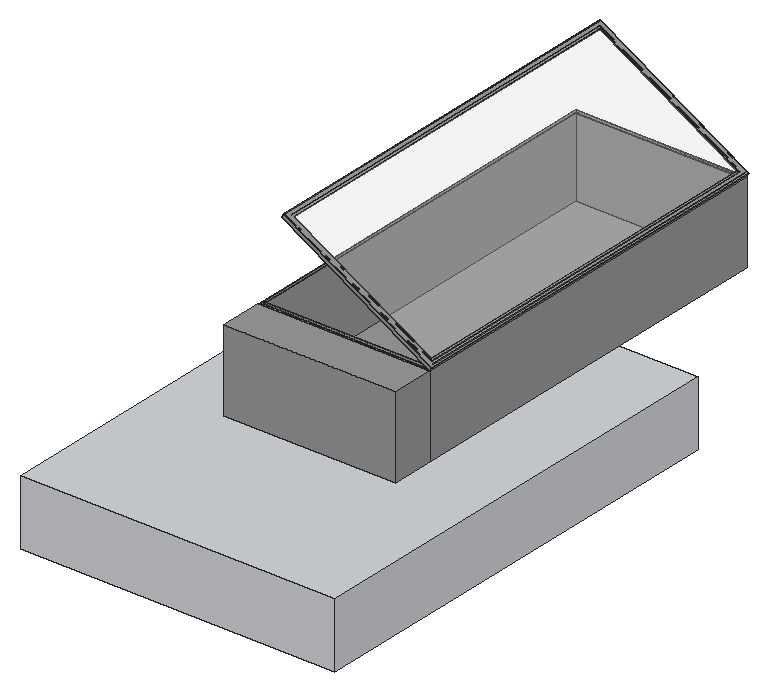
Revit family "Hager-Univers-IP55-D400-H2050-Cl.II-Steel_encl-CH-it", category Equipement électrique, Revit 2020
Family settings
  Hôte = Face
  Configuration du panneau = Deux colonnes, circuits au sein
  Cote de connecteur circulaire = Utiliser le diamètre
  Type d'élément = Tableau de raccordement
  Couper avec des vides une fois chargée = Non
  Partagée = Non
  Point de calcul de pièce = Non
Parameters (values of type "montaggio a pavimento IP55 L800 A2050 P400  - FR23U2")
  Width Control [instance] = if([EF000008 - Larghezza] > Min Width, [EF000008 - Larghezza], Min Width)  # 800 mm
  Commentaires du type = [HG000003 - Gamma]  # "Univers"
  Thickness Door [instance] = if([EF009171 - spessore materiale porta/coperchio] > 3 mm, 3 mm, [EF009171 - spessore materiale porta/coperchio])  # 1.5 mm
  Seal Frame Offset [instance] = 17 mm  # constant formula
  Plinth Visibility [instance] = [HG000027 - Altezza dello zoccolo] > 0 mm  # yes
  Model = ""
  Min Width [instance] = 100 mm  # constant formula
  Min Height [instance] = 100 mm  # constant formula
  Min Depth [instance] = (2 * [EF009170 - spessore materiale scatola]) + 1 mm  # 4 mm
  Internal Frame Depth [instance] = (Door System Depth * 0.5)  # 9 mm
  Height Control [instance] = if([EF000040 - Altezza] > Min Height, [EF000040 - Altezza], Min Height)  # 2050 mm
  HG000027 - Altezza dello zoccolo = 200 mm
  HG000026 - A pavimento = yes
  HG000024 - Altezza della sezione inferiore = 800 mm
  HG000023 - Custodia a doppia sezione = no
  HG000016 - Visibilità delle porte nella vista 3D [instance] = yes
  HG000015 - Visibilità attraverso la porta [instance] = no
  HG000014 - Porta destra [instance] = yes
  HG000013 - Porta sinistra [instance] = not([HG000014 - Porta destra])  # no
  HG000012 - Angolo di apertura della porta [instance] = 30.00°
  HG000010 - Porte asimmetriche = no
  HG000009 - Porta doppia a battente = no
  HG000006 - Ad incasso = no
  HG000004 - Codice produttore = "FR23U2"
  HG000003 - Gamma = "Univers"
  HG000002 - Con porta = yes
  Frame Offset Bottom [instance] = 10 mm  # constant formula
  Frame Offset [instance] = 15 mm  # constant formula
  EF015940 - Coprire con rilascio di sovrapressione = no
  EF011959 - tipo di protezione (NEMA) = ""
  EF009554 - numero delle aperture per la piastra della flangia = 6
  Fabricant = "Hager"  # constant formula
  EF009212 - esecuzione coperchio = "EV000116 - chiuso"
  EF009171 - spessore materiale porta/coperchio = 1.5 mm
  EF009170 - spessore materiale scatola = 1.5 mm
  EF008873 - corrente nominale (In) = 800 A
  EF007800 - adatto per parafulmine = no
  EF006306 - con serratura = no
  EF006244 - coperchio/porta trasparente = yes
  EF005474 - grado di protezione (IP) = "EV006420 - IP55"
  EF004464 - tipo di porta = "EV002646 - singolo"
  EF004427 - numero di moduli = 432
  EF004293 - resistenza agli urti = "EV008784 - IK10"
  EF003532 - adatto per uso esterno = no
  EF002950 - Numero moduli DIN = 24
  EF001613 - Integrità del circuito = "EV000494 - senza"
  EF001596 - Attacco Lampada = "EV000179 - acciaio"
  EF001131 - profondità interna = 400 mm
  EF001088 - possibilità di applicazione = yes
  EF000437 - numero di ingressi per conduttori = 6
  EF000339 - tipo di copertura = "EV004216 - porta"
  EF000266 - numero di file = 12
  EF000218 - profondità di incasso = 0 mm
  EF000118 - con piastra di montaggio = no
  EF000116 - numero RAL = "7035"
  EF000049 - profondità = 400 mm
  EF000040 - Altezza = 2050 mm
  EF000008 - Larghezza = 800 mm
  EF000007 - colore = "EV000270 - grigio"
  EF000003 - Tipo di montaggio = "EV012274 - montaggio a pavimento"
  Door System Leaf Tolerance [instance] = 1.5 mm  # constant formula
  Door System Depth [instance] = 18 mm  # constant formula
  Door Height [instance] = Height Control - [HG000027 - Altezza dello zoccolo]  # 1850 mm
  Depth Control [instance] = if([EF000049 - profondità] > Min Depth, [EF000049 - profondità], Min Depth)  # 400 mm
  Default Elevation = 0 mm
  Connector Offset [instance] = Height Control / 2  # 1025 mm
  Bottom Top Plate Trim [instance] = 1.5 mm  # constant formula
  Plinth height Ctrl [instance] = if([HG000027 - Altezza dello zoccolo] > 0 mm, [HG000027 - Altezza dello zoccolo], 12 mm)  # 200 mm
Types (11, lengths in mm): name | Width Control | HG000010 - Porte asimmetriche | HG000009 - Porta doppia a battente | HG000004 - Codice produttore | EF009554 - numero delle aperture per la piastra della flangia | EF006244 - coperchio/porta trasparente | EF004464 - tipo di porta | EF004427 - numero di moduli | EF000437 - numero di ingressi per conduttori | EF000008 - Larghezza
  montaggio a pavimento IP55 L1050 A2050 P400  - FR24H2 | 1050 | yes | yes | "FR24H2" | 8 | no | "EV003602 - doppio" | 576 | 8 | 1050
  montaggio a pavimento IP55 L1050 A2050 P400  - FR24U2 | 1050 | yes | yes | "FR24U2" | 8 | yes | "EV003602 - doppio" | 576 | 8 | 1050
  montaggio a pavimento IP55 L1300 A2050 P400  - FR25H2 | 1300 | yes | yes | "FR25H2" | 10 | no | "EV003602 - doppio" | 720 | 10 | 1300
  montaggio a pavimento IP55 L1300 A2050 P400  - FR25U2 | 1300 | yes | yes | "FR25U2" | 10 | yes | "EV003602 - doppio" | 720 | 10 | 1300
  montaggio a pavimento IP55 L1550 A2050 P400  - FR26H2 | 1550 | yes | yes | "FR26H2" | 12 | no | "EV003602 - doppio" | 864 | 12 | 1550
  montaggio a pavimento IP55 L1550 A2050 P400  - FR26U2 | 1550 | yes | yes | "FR26U2" | 12 | yes | "EV003602 - doppio" | 864 | 12 | 1550
  montaggio a pavimento IP55 L300 A2050 P400  - FR21H2 | 300 | no | no | "FR21H2" | 2 | no | "EV002646 - singolo" | 144 | 2 | 300
  montaggio a pavimento IP55 L550 A2050 P400  - FR22H2 | 550 | no | no | "FR22H2" | 4 | no | "EV002646 - singolo" | 288 | 4 | 550
  montaggio a pavimento IP55 L550 A2050 P400  - FR22U2 | 550 | no | no | "FR22U2" | 4 | yes | "EV002646 - singolo" | 288 | 4 | 550
  montaggio a pavimento IP55 L800 A2050 P400  - FR23H2 | 800 | no | no | "FR23H2" | 6 | no | "EV002646 - singolo" | 432 | 6 | 800
  montaggio a pavimento IP55 L800 A2050 P400  - FR23U2 | 800 | no | no | "FR23U2" | 6 | yes | "EV002646 - singolo" | 432 | 6 | 800
Reference planes
  plane 1 "Center (Front/Back)": y = 0
  plane 2: z = 0
  plane 3 "Center (Left/Right)": x = 0
  plane 4: z = 400
  plane 5: y = 201.5
  plane 6: y = 1125
  plane 7: y = 200
  plane 8: y = 2050
  plane 9: z = 0
  plane 10: x = -385
  plane 11: x = 385
  plane 12: x = 383.5
  plane 13: x = -383.5
  plane 14: y = 2048.5
  plane 15: x = -383
  plane 16: x = -400
  plane 17: x = 383
  plane 18: x = 400
  plane 19: x = 398.5
  plane 20: x = -398.5
  plane 21: y = 211.5
  plane 22: y = 2050
  plane 23: y = 2033.5
  plane 24: z = 382
  plane 25: z = 1.5
  plane 26: z = 380.5
  plane 27: z = 398.5
Forms (mm)
  Extrusion 1, solid
    sketch origin (0, 0, 0) x (1, 0, 0) y (0, 1, 0)
      loop
        line (-702.964, 1305) -> (-702.964, -811.445) -> (766.763, -811.445) -> (766.763, 1305) -> (-702.964, 1305)
    from 0 to -304.8
  Extrusion 2, solid, material "Hager_Steel_RAL7035_Light_Grey", visible <- "Plinth Visibility", detail levels medium+fine
    sketch origin (0, 0, 0) x (1, 0, 0) y (0, 1, 0)
      loop
        line (-400, 0) -> (400, 0) -> (400, 200) -> (-400, 200) -> (-400, 0)
    from 0 to 382
  Extrusion 3, solid, material "Hager_Steel_RAL7035_Light_Grey", detail levels medium+fine
    sketch origin (0, 0, 0) x (1, 0, 0) y (0, 1, 0)
      loop
        line (-400, 200) -> (400, 200) -> (400, 2050) -> (-400, 2050) -> (-400, 200)
    from 0 to 382
  Extrusion 4, void
    sketch origin (0, 0, 0) x (1, 0, 0) y (0, 1, 0)
      loop
        line (-398.5, 201.5) -> (398.5, 201.5) -> (398.5, 2048.5) -> (-398.5, 2048.5) -> (-398.5, 201.5)
    from 1.5 to 380.5
  Extrusion 5, void
    sketch origin (-381.607, -4572, 382) x (0, -1, 0) y (-1, 0, 0)
      loop
        line (-4783.5, 1.893) -> (-6605.5, 1.893) -> (-6605.5, -765.107) -> (-4783.5, -765.107) -> (-4783.5, 1.893)
    from 0 to 1.5 <- "EF009170 - spessore materiale scatola"
  Extrusion 6, solid, material "Hager_Steel_RAL7035_Light_Grey", detail levels fine
    sketch origin (0, 0, 382) x (1, 0, 0) y (0, 1, 0)
      loop
        line (-383.5, 2033.5) -> (-383.5, 211.5) -> (383.5, 211.5) -> (383.5, 2033.5) -> (-383.5, 2033.5)
      loop
        line (-385, 210) -> (385, 210) -> (385, 2035) -> (-385, 2035) -> (-385, 210)
    from 0 to 9 <- "Internal Frame Depth"
  Extrusion 7, solid, material "Hager_Steel_RAL7035_Light_Grey", detail levels coarse
    sketch origin (0, 0, 0) x (1, 0, 0) y (0, 1, 0)
      loop
        line (-400, 0) -> (400, 0) -> (400, 2050) -> (-400, 2050) -> (-400, 0)
    from 0 to 400
  Sweep 8, void
    path in 3D
      loop
        line (-400, 200, 0) -> (400, 200, 0) -> (400, 200, 382) -> (-400, 200, 382) -> (-400, 200, 0)
    profile origin (-400, 200, 191) x (-1, 0, 0) y (0, -1, 0)
      loop
        line (0, 0) -> (0, 1.5) -> (-1.5, 1.5)
        arc (-1.5, 1.5) -> (-1.061, 0.439) -> (0, 0) r 1.5
Cuts and joins
  Extrusion 4, Extrusion 5 cuts Extrusion 3
  Sweep 8 cuts Extrusion 2
Lines and regions (mm)
  Masking region 1
    outline origin (0, 0, 0) x (1, 0, 0) y (0, 0, 1)
      loop
        line (-400, 400) -> (-400, 0) -> (400, 0) -> (400, 400) -> (-400, 400)
  Masking region 2, detail levels medium+fine
    outline origin (0, 140, 0) x (0, 1, 0) y (0, 0, 1)
      loop
        line (60, 0) -> (1910, 0) -> (1910, 382) -> (60, 382) -> (60, 0)
  Masking region 3, not visible, detail levels medium+fine
    outline origin (0, 297.922, 0) x (0, 1, 0) y (0, 0, 1)
      loop
        line (838.578, 0) -> (878.578, 0) -> (878.578, 388.5)
        arc (878.578, 388.5) -> (875.649, 395.571) -> (868.578, 398.5) r 10
        line (868.578, 398.5) -> (838.578, 398.5) -> (838.578, 0)
  Masking region 4, detail levels coarse
    outline origin (0, 0, 180) x (0, 1, 0) y (0, 0, 1)
      loop
        line (0, -180) -> (2050, -180) -> (2050, 220) -> (0, 220) -> (0, -180)
  Masking region 5, visible <- "Plinth Visibility", detail levels medium+fine
    outline origin (0, 52.24, 12.345) x (0, 0, -1) y (0, 1, 0)
      loop
        line (10.845, 147.76) -> (-368.155, 147.76)
        arc (-368.155, 147.76) -> (-368.594, 146.699) -> (-369.655, 146.26) r 1.5
        line (-369.655, 146.26) -> (-369.655, -52.24) -> (12.345, -52.24) -> (12.345, 146.26)
        arc (12.345, 146.26) -> (11.285, 146.699) -> (10.845, 147.76) r 1.5
  Masking region 6, detail levels medium+fine
    outline origin (-381.607, -4572, 382) x (-1, 0, 0) y (0, -1, 0)
      loop
        line (18.393, -6622) -> (18.393, -4772) -> (-781.607, -4772) -> (-781.607, -6622) -> (18.393, -6622)
  Masking region 7, visible <- "Plinth Visibility", detail levels medium+fine
    outline origin (-381.607, -4727, 382) x (-1, 0, 0) y (0, -1, 0)
      loop
        arc (16.893, -4927) -> (17.332, -4925.939) -> (18.393, -4925.5) r 1.5
        line (18.393, -4925.5) -> (18.393, -4727) -> (-781.607, -4727) -> (-781.607, -4925.5)
        arc (-781.607, -4925.5) -> (-780.546, -4925.939) -> (-780.107, -4927) r 1.5
        line (-780.107, -4927) -> (16.893, -4927)
  Masking region 8, detail levels coarse
    outline origin (-442.548, -4669.526, 382) x (-1, 0, 0) y (0, -1, 0)
      loop
        line (-42.548, -6719.526) -> (-42.548, -4669.526) -> (-842.548, -4669.526) -> (-842.548, -6719.526) -> (-42.548, -6719.526)
  sketch lines
    curve 1: line (-400, 200, 382) -> (-400, 200, 0)
    curve 2: line (400, 200, 382) -> (-400, 200, 382)
    curve 3: line (400, 200, 382) -> (400, 200, 0)
    curve 4: line (-400, 200, 0) -> (400, 200, 0)
Dimensions and locks
  "Depth Control": plane 4 to Extrusion 1
  "HG000027 - Altezza dello zoccolo": plane 1 "Center (Front/Back)" to plane 7
  "EF009170 - spessore materiale scatola": plane 5 to plane 7
  locked: connector elem to plane 3 "Center (Left/Right)"
  equal spacing: plane 8, plane 6, plane 7
  locked: connector elem to plane 6
  "EF009170 - spessore materiale scatola": plane 8 to plane 14
  "EF009170 - spessore materiale scatola": plane 10 to plane 13
  "EF009170 - spessore materiale scatola": plane 12 to plane 11
  "Frame Offset": plane 20 to plane 13
  "Frame Offset": plane 12 to plane 19
  "EF009170 - spessore materiale scatola": plane 16 to plane 20
  "EF009170 - spessore materiale scatola": plane 19 to plane 18
  "Seal Frame Offset": plane 16 to plane 15
  "Seal Frame Offset": plane 17 to plane 18
  "Frame Offset Bottom": plane 21 to plane 5
  "Frame Offset": plane 14 to plane 23
  equal spacing: plane 16, plane 3 "Center (Left/Right)", plane 18
  "Width Control": plane 16 to plane 18
  "EF009170 - spessore materiale scatola": plane 4 to plane 27
  "EF009170 - spessore materiale scatola": plane 24 to plane 26
  "EF009170 - spessore materiale scatola": plane 25 to level
  "Door System Depth": plane 4 to plane 24
  "Height Control": plane 1 "Center (Front/Back)" to Extrusion 7 sketch curve
  "Height Control": Masking region 4 sketch curve to plane 1 "Center (Front/Back)"
  "Height Control": plane 1 "Center (Front/Back)" to plane 22
  "Bottom Top Plate Trim": profile plane to Sweep 8 sketch curve
  "Bottom Top Plate Trim": Sweep 8 sketch curve to profile plane
  "Plinth height Ctrl": plane 1 "Center (Front/Back)" to Extrusion 2 sketch curve
  "Plinth height Ctrl": Masking region 5 sketch curve to plane 1 "Center (Front/Back)"
  "Plinth height Ctrl": plane 1 "Center (Front/Back)" to Masking region 7 sketch curve
  "Thickness Door": Extrusion 6 sketch curve to Extrusion 6 sketch curve  (x3)
  "Thickness Door": cut or joined group of Extrusion 3, Extrusion 4, Extrusion 5 to Extrusion 6 sketch curve
  radius of Masking region 3 sketch curve = 10 mm
  "Bottom Top Plate Trim": radius of Masking region 5 sketch curve  (x2)
  "Bottom Top Plate Trim": radius of Sweep 8 sketch curve
  "Bottom Top Plate Trim": radius of Masking region 7 sketch curve  (x2)
  aligned and locked: plane 2 to Extrusion 1
  aligned and locked: level to Extrusion 1
  aligned and locked: level to Masking region 1 sketch curve
  aligned and locked: Masking region 1 sketch curve to plane 18
  aligned and locked: Masking region 1 sketch curve to plane 16
  aligned and locked: plane 7 to Masking region 2 sketch curve
  aligned and locked: level to Masking region 3 sketch curve
  aligned and locked: Masking region 3 sketch curve to plane 27
  aligned and locked: level to Masking region 2 sketch curve
  aligned and locked: plane 1 "Center (Front/Back)" to Extrusion 2 sketch curve
  aligned and locked: Extrusion 3 sketch curve to plane 7
  aligned and locked: plane 16 to Extrusion 3 sketch curve
  aligned and locked: plane 18 to Extrusion 3 sketch curve
  aligned and locked: plane 20 to Extrusion 4 sketch curve
  aligned and locked: plane 19 to Extrusion 4 sketch curve
  aligned and locked: Extrusion 4 sketch curve to plane 5
  aligned and locked: Extrusion 4 to plane 25
  aligned and locked: plane 26 to Extrusion 4
  aligned and locked: plane 24 to Extrusion 3
  aligned and locked: Extrusion 5 sketch curve to plane 21
  aligned and locked: Extrusion 5 sketch curve to plane 13
  aligned and locked: Extrusion 5 sketch curve to plane 12
  aligned and locked: plane 18 to Extrusion 7 sketch curve
  aligned and locked: plane 1 "Center (Front/Back)" to Extrusion 7 sketch curve
  aligned and locked: plane 16 to Extrusion 7 sketch curve
  aligned and locked: plane 4 to Extrusion 7
  aligned and locked: Extrusion 7 to level
  aligned and locked: level to Masking region 4 sketch curve
  aligned and locked: Masking region 4 sketch curve to plane 1 "Center (Front/Back)"
  aligned and locked: Masking region 4 sketch curve to plane 4
  aligned and locked: nested 1 to level
  aligned and locked: nested 1 to plane 16
  aligned and locked: plane 8 to Extrusion 3 sketch curve
  aligned and locked: plane 23 to Extrusion 5 sketch curve
  aligned and locked: plane 14 to Extrusion 4 sketch curve
  aligned and locked: Masking region 2 sketch curve to plane 8
  aligned and locked: level to Masking region 5 sketch curve
  aligned and locked: plane 16 to Extrusion 2 sketch curve
  aligned and locked: plane 18 to Extrusion 2 sketch curve
  aligned and locked: Masking region 5 sketch curve to plane 24
  aligned and locked: Masking region 2 sketch curve to plane 24
  aligned and locked: plane 24 to Extrusion 2
  aligned and locked: profile plane to Sweep 8 sketch curve  (x2)
  aligned and locked: Masking region 6 sketch curve to plane 18
  aligned and locked: Masking region 6 sketch curve to plane 22
  aligned and locked: Masking region 6 sketch curve to plane 16
  aligned and locked: plane 8 to plane 22
  aligned and locked: Masking region 6 sketch curve to plane 7
  aligned and locked: Masking region 7 sketch curve to plane 16
  aligned and locked: Masking region 7 sketch curve to plane 1 "Center (Front/Back)"
  aligned and locked: Masking region 7 sketch curve to plane 18
  aligned and locked: Masking region 8 sketch curve to plane 1 "Center (Front/Back)"
  aligned and locked: Masking region 8 sketch curve to plane 18
  aligned and locked: Masking region 8 sketch curve to plane 22
  aligned and locked: Masking region 8 sketch curve to plane 16
  aligned and locked: nested 2 to plane 7
  aligned and locked: plane 3 "Center (Left/Right)" to nested 2
  aligned and locked: nested 2 to plane 24
  aligned and locked: Extrusion 6 sketch curve to cut or joined group of Extrusion 3, Extrusion 4, Extrusion 5  (x4)
Automatic sketch dimensions
  Extrusion 1 sketch curve to Extrusion 1 sketch curve = 1469.727 mm
  Extrusion 1 sketch curve to Extrusion 1 sketch curve = 2116.445 mm
  Masking region 1 sketch curve to plane 4 = 0 mm
  plane 6 to Masking region 3 sketch curve = 11.5 mm
  Masking region 3 sketch curve to Masking region 3 sketch curve = 30 mm
  Masking region 5 sketch curve to plane 1 "Center (Front/Back)" = 0 mm
Nested families
  nested 1: "Hager_Enclosure_Symbol" at (-400, 0, 0) x (1, 0, 0) z (0, -1, 0), Height <- "Depth Control", Width <- "Width Control", type "Hager_Enclosure_Symbol"
    with Width_Ctrl 800 mm, Width 800 mm, Height_Ctrl 400 mm, Height 400 mm, A_Width_Int 26.25 mm, A_Width 315 mm, A_Height_Ctrl 350 mm, A_Height 350 mm
  nested 2: "EC000058_Univers_Door" at (0, 200, 382) x (1, 0, 0) z (0, 1, 0), Leaf_Tolerance <- "Door System Leaf Tolerance", Angle <- "HG000012 - Angolo di apertura della porta", Door_Depth <- "Door System Depth", Door_Left <- "HG000013 - Porta sinistra", Transparent <- "EF006244 - coperchio/porta trasparente", Assymetrical <- "HG000010 - Porte asimmetriche", Width <- "Width Control", Clearance <- "HG000015 - Visibilità attraverso la porta", Double <- "HG000009 - Porta doppia a battente", 3d_Door <- "HG000016 - Visibilità delle porte nella vista 3D", Lock_Visibility <- "EF006306 - con serratura", Width_Ctrl <- "Width Control", Door_Right <- "HG000014 - Porta destra", Door <- "HG000002 - Con porta", Height <- "Door Height", Thickness <- "Thickness Door", type "EC000058_Univers_Door", detail levels medium+fine
    with min_wh 4 mm, Width_Ctrl 800 mm, Width 800 mm, Transparent yes, Thickness 1.5 mm, Seal_Material Hager_Rubber, Lock_Visibility no, Lock_Material Hager_Plastic_RAL9005_Jet_Black, Leaf_Width 800 mm, Leaf_Tolerance_External_Sides 0 mm, Leaf_Tolerance 1.5 mm, Leaf_Offset 0 mm, Leaf_Height 1847 mm, Leaf_2_Width 800 mm, Leaf_2_Offset 400 mm, Leaf_1_Width 800 mm, Leaf_1_Offset 400 mm, Height_Ctrl 1850 mm, Height 1850 mm, Glass_Material Hager_Glass, Double_Clearance_Ctrl no, Double no, Door_Right_Ctrl yes, Door_Right yes, Door_Material Hager_Steel_RAL7035_Light_Grey, Door_Left_Ctrl no, Door_Left no, Door_Depth 18 mm, Door yes, Clearance_Material Hager_Clearance, Clearance_Depth 800 mm, Clearance_Ctrl no, Clearance no, Assymetrical no, Angle 30.00°, 3d_Door yes
Connectors
  electrical at (0, 1125, 0)
    settings: on plane 9, index 1, voltage 0 V, apparent load 0 VA, apparent load phase1 0 VA, apparent load phase2 0 VA, apparent load phase3 0 VA, power factor 1, load classification "Other", number of poles 1, system type 30, power factor state 1, is connector primary yes, connector utility no, sub classification motor no, connector description ""
Definition of nested family "EC000058_Univers_Door"
  Parameters (values of type "EC000058_Univers_Door")
    min_wh [instance] = (2 * Thickness) + 1 mm  # 11 mm
    Width_Ctrl [instance] = 400 mm
    Width [instance] = 500 mm
    Transparent [instance] = yes
    Thickness [instance] = 5 mm
    Seal_Material [instance] = none
    Lock_Visibility [instance] = yes
    Lock_Material [instance] = none
    Leaf_Width [instance] = if((Width_Ctrl - 2 * Leaf_Tolerance_External_Sides) > 0 mm, (Width_Ctrl - 2 * Leaf_Tolerance_External_Sides), min_wh)  # 400 mm
    Leaf_Tolerance_External_Sides [instance] = 0 mm  # constant formula
    Leaf_Tolerance [instance] = 1.5 mm
    Leaf_Offset [instance] = 0 mm  # constant formula
    Leaf_Height [instance] = if((Height_Ctrl - 2 * Leaf_Tolerance) > 0 mm, (Height_Ctrl - 2 * Leaf_Tolerance), min_wh)  # 497 mm
    Leaf_2_Width [instance] = if(and(and(Double, Assymetrical), Door_Left), (Leaf_Width / 3) - (Leaf_Tolerance / 2), if(and(and(Double, Assymetrical), Door_Right), (Leaf_Width / 3) * 2 - (Leaf_Tolerance / 2), if(and(Double, not(Assymetrical)), (Leaf_Width / 2) - Leaf_Tolerance, Leaf_Width)))  # 400 mm
    Leaf_2_Offset [instance] = if(and(Double, Assymetrical), Leaf_2_Width / 2, if(and(Double, not(Assymetrical)), Leaf_Width / 4, Leaf_Width / 2))  # 200 mm
    Leaf_1_Width [instance] = if(and(and(Double, Assymetrical), Door_Right), (Leaf_Width / 3) - (Leaf_Tolerance / 2), if(and(and(Double, Assymetrical), Door_Left), (Width / 3) * 2 - (Leaf_Tolerance / 2), if(and(Double, not(Assymetrical)), (Leaf_Width / 2) - Leaf_Tolerance, Leaf_Width)))  # 400 mm
    Leaf_1_Offset [instance] = if(and(Double, Assymetrical), Leaf_1_Width / 2, if(and(Double, not(Assymetrical)), Leaf_Width / 4, Leaf_Width / 2))  # 200 mm
    Height_Ctrl [instance] = if(Height > min_wh, Height, min_wh)  # 500 mm
    Height [instance] = 500 mm
    Glass_Material [instance] = none
    Double_Clearance_Ctrl [instance] = and(Double, Clearance)  # no
    Double [instance] = no
    Door_Right_Ctrl [instance] = and(or(Door_Right, Double), Door)  # yes
    Door_Right [instance] = yes
    Door_Material [instance] = none
    Door_Left_Ctrl [instance] = and(or(Door_Left, Double), Door)  # no
    Door_Left [instance] = no
    Door_Depth [instance] = 30 mm
    Door [instance] = yes
    Default Elevation = 1219.2 mm
    Clearance_Material [instance] = none
    Clearance_Depth [instance] = if(Leaf_1_Width > Leaf_2_Width, Leaf_1_Width, Leaf_2_Width)  # 400 mm
    Clearance_Ctrl [instance] = and(not(Double), Clearance)  # yes
    Clearance [instance] = yes
    Assymetrical [instance] = yes
    Angle [instance] = 30.00°
    3d_Door [instance] = yes
  Reference planes
    plane 1 "Center (Front/Back)": y = 0
    plane 2 "Bottom": z = 0
    plane 3 "Center (Left/Right)": x = 0
    plane 4: z = 500
    plane 5: x = -200
    plane 6: x = 200
    plane 7: z = 500
    plane 8: x = -200
    plane 9: z = 0
    plane 10: x = 200
    plane 11: y = 0
    plane 12: z = 1.5
    plane 13: x = -600
    plane 14: y = -400
    plane 15: x = 600
    plane 16: x = 0
    plane 17: x = 0
    plane 18: x = -200
    plane 19: x = 200
    plane 20: z = 498.5
  Forms (mm)
    Extrusion 1, solid, material <- "Clearance_Material", visible <- "Double_Clearance_Ctrl"
      sketch origin (1200, 0, 0) x (1, 0, 0) y (0, 0, -1)
        loop
          line (-1800, -498.5) -> (-600, -498.5) -> (-600, 0) -> (-1800, 0) -> (-1800, -498.5)
      from 0 to -400
  Dimensions and locks
    equal spacing: plane 5, plane 3 "Center (Left/Right)", plane 6
    "Width_Ctrl": plane 5 to plane 6
    "Leaf_Offset": plane 5 to plane 8
    "Leaf_Offset": plane 6 to plane 10
    "Leaf_Offset": plane 9 to level
    "Leaf_Offset": plane 4 to plane 7
    "Height_Ctrl": plane 4 to level
    "Leaf_Tolerance": plane 12 to plane 9
    locked: plane 11 to plane 1 "Center (Front/Back)"
    "Leaf_1_Offset": plane 18 to plane 16
    "Leaf_2_Offset": plane 17 to plane 19
    "Leaf_1_Width": plane 13 to plane 8
    "Leaf_2_Width": plane 10 to plane 15
    "Clearance_Depth": plane 14 to plane 1 "Center (Front/Back)"
    "Leaf_Tolerance_External_Sides": plane 8 to plane 18
    "Leaf_Tolerance_External_Sides": plane 19 to plane 10
    "Leaf_Tolerance": plane 7 to plane 20
    aligned and locked: level to plane 2 "Bottom"
    aligned and locked: nested 1 to plane 16
    aligned and locked: nested 2 to plane 17
    aligned and locked: Extrusion 1 to plane 13
    aligned and locked: plane 15 to Extrusion 1
    aligned and locked: Extrusion 1 to plane 14
    aligned and locked: plane 12 to nested 1
    aligned and locked: nested 2 to plane 12
    aligned and locked: Extrusion 1 to plane 11
    aligned and locked: plane 20 to Extrusion 1
    aligned and locked: nested 2 to plane 11
    aligned and locked: nested 1 to plane 11
  Automatic sketch dimensions
    Extrusion 1 sketch curve to level = 0 mm
    plane 5 to Extrusion 1 sketch curve = 400 mm
    plane 6 to Extrusion 1 sketch curve = 400 mm
    Extrusion 1 sketch curve to plane 4 = 1.5 mm
  Nested families
    nested 1: "EC000058_Univers_Door_Leaf" at (0, 0, 1.5), Width <- "Leaf_1_Width", visible <- "Door_Left_Ctrl", Leaf_Height <- "Leaf_Height", Angle <- "Angle", 3d_Door <- "3d_Door", Transparent <- "Transparent", Clearance Material <- "Clearance_Material", Clearance <- "Clearance_Ctrl", Door_Material <- "Door_Material", Glass_Material <- "Glass_Material", Door_Depth <- "Door_Depth", Lock_Material <- "Lock_Material", Seal_Material <- "Seal_Material", Lock_Visibility <- "Lock_Visibility", Thickness <- "Thickness", type "EC000058_Univers_Door_Leaf"
      with Width 400 mm, Transparent_Glass_Offset 30 mm, Transparent_Ctrl yes, Transparent yes, Thickness 5 mm, Standard no, Seal_Material none, Seal_D2 8 mm, Seal_D1 1 mm, Offset_Internal_Frame 10 mm, Lock_Width 20 mm, Lock_Visibility_3d yes, Lock_Visibility yes, Lock_Thickness_3 3 mm, Lock_Thickness_2 1 mm, Lock_Thickness_1 3 mm, Lock_Radius_Offset_2 16 mm, Lock_Radius_Offset_1 15 mm, Lock_Radius_2 5 mm, Lock_Radius 6 mm, Lock_Offset 5 mm, Lock_Material none, Lock_Height 80 mm, Lock_Cover_Top_Offset_2d 17 mm, Lock_Cover_Height -65 mm, Leaf_Height 497 mm, Internal_Seal_Thickness 8 mm, Internal_Seal_Depth_2 4.5 mm, Internal_Frame_Depth 25 mm, Glass_Thickness -1 mm, Glass_Offset -2 mm, Glass_Material none, Door_Material none, Door_Depth 30 mm, Clearance Material none, Clearance yes, Angle_Ctrl 30.00°, Angle 30.00°, 3d_Door yes
    nested 2: "EC000058_Univers_Door_Leaf" at (0, 0, 1.5) x (-1, 0, 0) z (0, 0, 1), Width <- "Leaf_2_Width", visible <- "Door_Right_Ctrl", Leaf_Height <- "Leaf_Height", Angle <- "Angle", 3d_Door <- "3d_Door", Transparent <- "Transparent", Clearance Material <- "Clearance_Material", Clearance <- "Clearance_Ctrl", Door_Material <- "Door_Material", Glass_Material <- "Glass_Material", Door_Depth <- "Door_Depth", Lock_Material <- "Lock_Material", Seal_Material <- "Seal_Material", Lock_Visibility <- "Lock_Visibility", Thickness <- "Thickness", type "EC000058_Univers_Door_Leaf"
      with Width 400 mm, Transparent_Glass_Offset 30 mm, Transparent_Ctrl yes, Transparent yes, Thickness 5 mm, Standard no, Seal_Material none, Seal_D2 8 mm, Seal_D1 1 mm, Offset_Internal_Frame 10 mm, Lock_Width 20 mm, Lock_Visibility_3d yes, Lock_Visibility yes, Lock_Thickness_3 3 mm, Lock_Thickness_2 1 mm, Lock_Thickness_1 3 mm, Lock_Radius_Offset_2 16 mm, Lock_Radius_Offset_1 15 mm, Lock_Radius_2 5 mm, Lock_Radius 6 mm, Lock_Offset 5 mm, Lock_Material none, Lock_Height 80 mm, Lock_Cover_Top_Offset_2d 17 mm, Lock_Cover_Height -65 mm, Leaf_Height 497 mm, Internal_Seal_Thickness 8 mm, Internal_Seal_Depth_2 4.5 mm, Internal_Frame_Depth 25 mm, Glass_Thickness -1 mm, Glass_Offset -2 mm, Glass_Material none, Door_Material none, Door_Depth 30 mm, Clearance Material none, Clearance yes, Angle_Ctrl 30.00°, Angle 30.00°, 3d_Door yes
  Definition of nested family "EC000058_Univers_Door_Leaf"
    Parameters (values of type "EC000058_Univers_Door_Leaf")
      Width [instance] = 2000 mm
      Transparent_Glass_Offset [instance] = 30 mm
      Transparent_Ctrl [instance] = and(Transparent, [3d_Door])  # yes
      Transparent [instance] = yes
      Thickness [instance] = 5 mm
      Standard [instance] = and(not(Transparent), [3d_Door])  # no
      Seal_Material [instance] = none
      Seal_D2 [instance] = 8 mm  # constant formula
      Seal_D1 [instance] = 1 mm  # constant formula
      Offset_Internal_Frame [instance] = 10 mm  # constant formula
      Lock_Width [instance] = 20 mm  # constant formula
      Lock_Visibility_3d [instance] = and(Lock_Visibility, [3d_Door])  # yes
      Lock_Visibility [instance] = yes
      Lock_Thickness_3 [instance] = 3 mm  # constant formula
      Lock_Thickness_2 [instance] = 1 mm  # constant formula
      Lock_Thickness_1 [instance] = 3 mm  # constant formula
      Lock_Radius_Offset_2 [instance] = Lock_Radius_Offset_1 + 1 mm  # 16 mm
      Lock_Radius_Offset_1 [instance] = 15 mm  # constant formula
      Lock_Radius_2 [instance] = Lock_Radius - 1 mm  # 5 mm
      Lock_Radius [instance] = 6 mm  # constant formula
      Lock_Offset [instance] = 5 mm  # constant formula
      Lock_Material [instance] = none
      Lock_Height [instance] = 80 mm  # constant formula
      Lock_Cover_Top_Offset_2d [instance] = Lock_Radius_Offset_2 + 1 mm  # 17 mm
      Lock_Cover_Height [instance] = -(Lock_Height - Lock_Radius_Offset_1)  # -65 mm
      Leaf_Height [instance] = 2720.336 mm
      Internal_Seal_Thickness [instance] = 8 mm  # constant formula
      Internal_Seal_Depth_2 [instance] = 4.5 mm  # constant formula
      Internal_Frame_Depth [instance] = if(Door_Depth - Thickness > 5 mm, Door_Depth - Thickness, 5 mm)  # 25 mm
      Glass_Thickness [instance] = if(Thickness > 15 mm, Glass_Offset + 10 mm, -1 mm)  # -1 mm
      Glass_Offset [instance] = if(Thickness > 15 mm, -(Thickness + 10 mm) / 2, -2 mm)  # -2 mm
      Glass_Material [instance] = none
      Door_Material [instance] = none
      Door_Depth [instance] = 30 mm
      Default Elevation = 0 mm
      Clearance Material [instance] = none
      Clearance [instance] = yes
      Angle_Ctrl [instance] = if(Angle > 180.00°, 180.00°, Angle)  # 90.00°
      Angle [instance] = 90.00°
      3d_Door [instance] = yes
    Reference planes
      plane 1 "Center (Front/Back)": y = 0
      plane 2: z = 0
      plane 3 "Center (Left/Right)": x = 0
      plane 4: y = 2000
      plane 5: x = -1000
      plane 6: x = 1000
      plane 7: x = -3000
      plane 8: z = 2720.336
      plane 9: z = 30
      plane 10: z = 2690.336
      plane 11: x = 970
      plane 12: x = -970
      plane 13: y = -3
      plane 14: z = 107.833
      plane 15: y = -5
      plane 16: y = -223.314
      plane 17: x = -1000
      plane 18: z = 1360.168
      plane 19: y = 30
    Forms (mm)
      Extrusion 1, solid, material <- "Clearance Material", visible <- "Clearance"
        sketch origin (0, 0, 0) x (1, 0, 0) y (0, 0, 1)
          loop
            line (-3000, 2720.336) -> (-3000, 0) -> (1000, 0) -> (1000, 2720.336) -> (-3000, 2720.336)
        from 0 to -2000
      Extrusion 2, solid, material <- "Door_Material", visible <- "Standard", detail levels medium+fine
        sketch origin (-1000, 0, 0) x (0, 1, 0) y (-1, 0, 0)
          loop
            line (0, 30) -> (0, 25) -> (2000, 25) -> (2000, 30) -> (0, 30)
        from 0 to 2720.336 <- "Leaf_Height"
      Extrusion 3, solid, material <- "Door_Material", visible <- "Transparent_Ctrl", detail levels medium+fine
        sketch origin (-1000, 0, 0) x (0, 1, 0) y (-1, 0, 0)
          loop
            line (0, 25) -> (2000, 25) -> (2000, 30) -> (0, 30) -> (0, 25)
        from 0 to 2720.336 <- "Leaf_Height"
      Extrusion 4, void
        sketch origin (-1025, 2000, 0) x (0, 1, 0) y (0, 0, -1)
          loop
            line (-30, -2690.336) -> (-30, -30) -> (-1970, -30) -> (-1970, -2690.336) -> (-30, -2690.336)
        from 0 to 5 <- "Thickness"
      Sweep 5, solid, material <- "Seal_Material", visible <- "Transparent_Ctrl", detail levels fine
        path in 3D
          loop
            line (-1025, 30, 30) -> (-1025, 30, 2690.336) -> (-1025, 1970, 2690.336) -> (-1025, 1970, 30) -> (-1025, 30, 30)
        profile origin (-1025, 1000, 30) x (1, 0, 0) y (0, 0, 1)
          loop
            line (0, 0) -> (0, -8) -> (1, -8) -> (1, 0) -> (0, 0)
      Extrusion 6, solid, material <- "Glass_Material", visible <- "Transparent_Ctrl", detail levels medium+fine
        sketch origin (-1030, 0, 0) x (0, 1, 0) y (0, 0, -1)
          loop
            line (1970, -2690.336) -> (1970, -30) -> (30, -30) -> (30, -2690.336) -> (1970, -2690.336)
        from -2 <- "Glass_Offset" to -1 <- "Glass_Thickness"
      Extrusion 7, solid, material <- "Door_Material", visible <- "3d_Door", detail levels medium+fine
        sketch origin (-1025, 2000, 0) x (0, -1, 0) y (0, 0, -1)
          loop
            line (0, -2720.336) -> (2000, -2720.336) -> (2000, 0) -> (0, 0) -> (0, -2720.336)
          loop
            line (1995, -5) -> (5, -5) -> (5, -2715.336) -> (1995, -2715.336) -> (1995, -5)
        from 0 to 25 <- "Internal_Frame_Depth"
      Sweep 8, solid, material <- "Seal_Material", visible <- "Transparent_Ctrl", detail levels fine
        path in 3D
          loop
            line (-1025, 0, 0) -> (-1025, 2000, 0) -> (-1025, 2000, 2720.336) -> (-1025, 0, 2720.336) -> (-1025, 0, 0)
        profile origin (-1025, 0, 1360.168) x (1, 0, 0) y (0, 1, 0)
          loop
            line (0, 10) -> (2.975, 10)
            arc (2.975, 10) -> (4.053, 10.447) -> (4.5, 11.525) r 1.525
            line (4.5, 11.525) -> (4.5, 16.527)
            arc (4.5, 16.527) -> (4.069, 17.569) -> (3.027, 18) r 1.473
            line (3.027, 18) -> (0, 18) -> (0, 10)
      Extrusion 9, solid, material <- "Lock_Material", visible <- "Lock_Visibility_3d", detail levels fine
        sketch origin (-1030, 0, 0) x (0, 1, 0) y (0, 0, -1)
          loop
            arc (1993.5, -1400.168) -> (1994.561, -1399.729) -> (1995, -1398.668) r 1.5
            line (1995, -1398.668) -> (1995, -1320.168) -> (1975, -1320.168) -> (1975, -1398.668)
            arc (1975, -1398.668) -> (1975.439, -1399.729) -> (1976.5, -1400.168) r 1.5
            line (1976.5, -1400.168) -> (1993.5, -1400.168)
        from 3 <- "Lock_Thickness_1" to 0
      Blend 10, solid, material <- "Lock_Material", visible <- "Lock_Visibility_3d", detail levels fine
        base sketch origin (-1033, 0, 0) x (0, 1, 0) y (0, 0, -1)
          loop
            line (1975, -1320.168) -> (1975, -1398.668)
            arc (1975, -1398.668) -> (1975.439, -1399.729) -> (1976.5, -1400.168) r 1.5
            line (1976.5, -1400.168) -> (1993.5, -1400.168)
            arc (1993.5, -1400.168) -> (1994.561, -1399.729) -> (1995, -1398.668) r 1.5
            line (1995, -1398.668) -> (1995, -1320.168) -> (1975, -1320.168)
        top sketch origin (-1033, 0, 0) x (0, 1, 0) y (0, 0, -1)
          loop
            line (1976, -1320.168) -> (1976, -1398.668)
            arc (1976, -1398.668) -> (1976.146, -1399.022) -> (1976.5, -1399.168) r 0.5
            line (1976.5, -1399.168) -> (1993.5, -1399.168)
            arc (1993.5, -1399.168) -> (1993.854, -1399.022) -> (1994, -1398.668) r 0.5
            line (1994, -1398.668) -> (1994, -1320.168) -> (1976, -1320.168)
        from 0 to 1 <- "Lock_Thickness_2"
      Blend 11, solid, material <- "Lock_Material", visible <- "Lock_Visibility_3d", detail levels fine
        base sketch origin (-1034, 0, 0) x (0, 1, 0) y (0, 0, -1)
          loop
            line (1978, -1320.168) -> (1978, -1384.168)
            arc (1978, -1384.168) -> (1985, -1391.168) -> (1992, -1384.168) r 7
            line (1992, -1384.168) -> (1992, -1320.168) -> (1978, -1320.168)
        top sketch origin (-1034, 0, 0) x (0, 1, 0) y (0, 0, -1)
          loop
            line (1991, -1320.168) -> (1979, -1320.168) -> (1979, -1383.168)
            arc (1979, -1383.168) -> (1985, -1389.168) -> (1991, -1383.168) r 6
            line (1991, -1383.168) -> (1991, -1320.168)
        from 0 to 3 <- "Lock_Thickness_3"
      Extrusion 12, solid, material <- "Lock_Material", visible <- "Lock_Visibility_3d", detail levels fine
        sketch origin (-1030, 1975, 1320.168) x (1, 0, 0) y (0, -1, 0)
          loop
            line (-7, -19) -> (-7, -1) -> (0, -1) -> (0, 0) -> (-8, 0) -> (-8, -20) -> (0, -20) -> (0, -19) -> (-7, -19)
        from 0 to -65 <- "Lock_Cover_Height"
      Extrusion 13, void
        sketch origin (-1038, 1995, 1320.168) x (-1, 0, 0) y (0, 0, -1)
          loop
            line (-5, -65) -> (0, -65) -> (-5, -60) -> (-5, -65)
        from 0 to 20 <- "Lock_Width"
      Extrusion 14, void
        sketch origin (-1038, 1975, 1320.168) x (0, -1, 0) y (0, 0, -1)
          loop
            circle (-10, -15.995) r 6
          loop
            circle (-10, -15.995) r 5
        from 0 to 2
      Extrusion 15, solid, material <- "Lock_Material", visible <- "Lock_Visibility_3d", detail levels medium
        sketch origin (-1030, 0, 0) x (0, 1, 0) y (0, 0, -1)
          loop
            arc (1993.5, -1400.168) -> (1994.561, -1399.729) -> (1995, -1398.668) r 1.5
            line (1995, -1398.668) -> (1995, -1320.168) -> (1975, -1320.168) -> (1975, -1398.668)
            arc (1975, -1398.668) -> (1975.439, -1399.729) -> (1976.5, -1400.168) r 1.5
            line (1976.5, -1400.168) -> (1993.5, -1400.168)
        from 8 to 0
    Cuts and joins
      Extrusion 4 cuts Extrusion 3
      Extrusion 13, Extrusion 14 cuts Extrusion 9
      Extrusion 14 cuts Blend 11
      Extrusion 13, Extrusion 14 cuts Extrusion 12
      joined: Extrusion 9, Blend 10, Blend 11, Extrusion 12
      Extrusion 14 cuts Extrusion 15
    Lines and regions (mm)
      Masking region 1, visible <- "Lock_Visibility", detail levels fine
        outline origin (0, 0, 0) x (0, 1, 0) y (0, 0, 1)
          loop
            line (30, 1320.168) -> (33, 1320.168) -> (33, 1400.168) -> (30, 1400.168) -> (30, 1320.168)
      Masking region 2, visible <- "Lock_Visibility", detail levels fine
        outline origin (0, 3.143, 0) x (0, 1, 0) y (0, 0, 1)
          loop
            line (29.857, 1354.168) -> (30.857, 1354.168) -> (30.857, 1366.168) -> (29.857, 1366.168) -> (29.857, 1354.168)
      Masking region 3, detail levels medium+fine
        outline origin (0, 0, 0) x (0, 1, 0) y (0, 0, 1)
          loop
            line (0, 0) -> (30, 0) -> (30, 2720.336) -> (0, 2720.336) -> (0, 0)
      Masking region 4, detail levels medium+fine
        outline origin (0, 0, 0) x (1, 0, 0) y (0, 0, 1)
          loop
            line (-1000, 2720.336) -> (-1000, 0) -> (1000, 0) -> (1000, 2720.336) -> (-1000, 2720.336)
      Masking region 5, visible <- "Lock_Visibility", detail levels fine
        outline origin (-47.116, 0, 0) x (1, 0, 0) y (0, 0, 1)
          loop
            arc (1024.616, 1399.168) -> (1023.556, 1398.729) -> (1023.116, 1397.668) r 1.5
            line (1023.116, 1397.668) -> (1023.116, 1320.168) -> (1041.116, 1320.168) -> (1041.116, 1397.668)
            arc (1041.116, 1397.668) -> (1040.677, 1398.729) -> (1039.616, 1399.168) r 1.5
            line (1039.616, 1399.168) -> (1024.616, 1399.168)
      Masking region 6, visible <- "Lock_Visibility", detail levels medium+fine
        outline origin (-25, 0, 0) x (1, 0, 0) y (0, 0, 1)
          loop
            arc (1001.5, 1400.168) -> (1000.439, 1399.729) -> (1000, 1398.668) r 1.5
            line (1000, 1398.668) -> (1000, 1320.168) -> (1020, 1320.168) -> (1020, 1398.668)
            arc (1020, 1398.668) -> (1019.561, 1399.729) -> (1018.5, 1400.168) r 1.5
            line (1018.5, 1400.168) -> (1001.5, 1400.168)
      Masking region 7, visible <- "Lock_Visibility", detail levels fine
        outline origin (-73.735, 0, 0) x (1, 0, 0) y (0, 0, 1)
          loop
            line (1051.735, 1382.168) -> (1065.735, 1382.168) -> (1065.735, 1384.168)
            arc (1065.735, 1384.168) -> (1058.735, 1391.168) -> (1051.735, 1384.168) r 7
            line (1051.735, 1384.168) -> (1051.735, 1382.168)
      Masking region 8, visible <- "Lock_Visibility", detail levels fine
        outline origin (-73.735, 0, 0) x (1, 0, 0) y (0, 0, 1)
          loop
            line (1052.735, 1382.168) -> (1064.735, 1382.168) -> (1064.735, 1383.168)
            arc (1064.735, 1383.168) -> (1058.735, 1389.168) -> (1052.735, 1383.168) r 6
            line (1052.735, 1383.168) -> (1052.735, 1382.168)
      Masking region 9, visible <- "Lock_Visibility", detail levels fine
        outline origin (-25, 0, 0) x (1, 0, 0) y (0, 0, 1)
          loop
            line (1020, 1320.168) -> (1020, 1382.168) -> (1000, 1382.168) -> (1000, 1320.168) -> (1020, 1320.168)
      Masking region 10, detail levels medium+fine
        outline origin (0, 0, 0) x (1, 0, 0) y (0, 0, 1)
          loop
            circle (985, 1335.144) r 6
      Masking region 11, detail levels fine
        outline origin (0, 0, 0) x (1, 0, 0) y (0, 0, 1)
          loop
            circle (985, 1335.144) r 5
      Masking region 12, visible <- "Lock_Visibility", detail levels fine
        outline origin (0, 12.767, 0) x (0, 1, 0) y (0, 0, 1)
          loop
            line (20.233, 1320.168) -> (21.233, 1320.168) -> (21.233, 1399.168) -> (20.233, 1400.168) -> (20.233, 1320.168)
      Masking region 13, visible <- "Lock_Visibility", detail levels fine
        outline origin (0, 13.767, -10) x (0, 1, 0) y (0, 0, 1)
          loop
            line (20.233, 1330.168) -> (23.233, 1330.168) -> (23.233, 1399.168) -> (20.233, 1402.168) -> (20.233, 1330.168)
      Masking region 14, visible <- "Lock_Visibility", detail levels fine
        outline origin (0, 12.767, -10) x (0, 1, 0) y (0, 0, 1)
          loop
            line (20.233, 1330.168) -> (25.233, 1330.168) -> (25.233, 1399.305) -> (20.233, 1394.305) -> (20.233, 1330.168)
      Masking region 15, visible <- "Lock_Visibility", detail levels medium
        outline origin (0, 0, 0) x (0, 1, 0) y (0, 0, 1)
          loop
            line (30, 1320.168) -> (38, 1320.168) -> (38, 1400.168) -> (30, 1400.168) -> (30, 1320.168)
      Masking region 16, visible <- "Lock_Visibility", detail levels fine
        outline origin (-1000, 0, 0) x (0, 1, 0) y (-1, 0, 0)
          loop
            line (1975, 30) -> (1995, 30) -> (1995, 38) -> (1975, 38) -> (1975, 30)
          loop
            line (1979, 37) -> (1976, 37) -> (1976, 34) -> (1978, 34) -> (1979, 37)
          loop
            line (1994, 37) -> (1991, 37) -> (1992, 34) -> (1994, 34) -> (1994, 37)
      Masking region 17, visible <- "Lock_Visibility", detail levels medium
        outline origin (-1000, 0, 0) x (0, 1, 0) y (-1, 0, 0)
          loop
            line (1975, 30) -> (1995, 30) -> (1995, 38) -> (1975, 38) -> (1975, 30)
      symbolic lines
        curve 1: line (1000, 0, 0) -> (-3000, 0, 0)
        curve 2: arc (1000, 0, 0) -> (-1000, 2000, 0) -> (-3000, 0, 0) r 2000
        curve 4: line (-1030, 0, 0) -> (-1030, 2000, 0)
      reference lines
        curve 3: line (-1000, 0, 0) -> (-1000, 2000, 0)
      symbolic lines, detail levels medium+fine
        curve 5: line (-1030, 2000, 0) -> (-1025, 2000, 0)
        curve 7: line (-1025, 0, 0) -> (-1030, 0, 0)
        curve 8: line (-1025, 0, 0) -> (-1000, 0, 0)
        curve 9: line (-1000, 0, 0) -> (-1000, 2000, 0)
        curve 10: line (-1000, 2000, 0) -> (-1025, 2000, 0)
      symbolic lines, detail levels fine
        curve 6: line (-1025, 2000, 0) -> (-1025, 0, 0)
      sketch lines
        curve 11: line (-1025, 0, 2720.336) -> (-1025, 0, 0)
        curve 12: line (-1025, 2000, 0) -> (-1025, 0, 0)
        curve 13: line (-1025, 2000, 2720.336) -> (-1025, 2000, 0)
        curve 14: line (-1025, 0, 2720.336) -> (-1025, 2000, 2720.336)
        curve 15: line (-1025, 1970, 30) -> (-1025, 30, 30)
        curve 16: line (-1025, 30, 30) -> (-1025, 30, 2690.336)
        curve 17: line (-1025, 1970, 2690.336) -> (-1025, 1970, 30)
        curve 18: line (-1025, 30, 2690.336) -> (-1025, 1970, 2690.336)
      symbolic lines, visible <- "Transparent", detail levels medium+fine
        curve 19: line (-970, 0, 2690.336) -> (970, 0, 2690.336)
        curve 20: line (-970, 0, 30) -> (-970, 0, 2690.336)
        curve 21: line (970, 0, 30) -> (-970, 0, 30)
        curve 22: line (970, 0, 2690.336) -> (970, 0, 30)
    Dimensions and locks
      "Width": plane 1 "Center (Front/Back)" to plane 4
      equal spacing: plane 5, plane 3 "Center (Left/Right)", plane 6
      "Width": plane 5 to plane 6
      "Width": plane 7 to plane 5
      "Leaf_Height": plane 8 to level
      "Width": curve 5 to curve 3
      "Width": curve 3 to curve 3
      plane 8 to plane 10 = 30 mm
      plane 9 to level = 30 mm
      plane 12 to plane 5 = 30 mm
      plane 6 to plane 11 = 30 mm
      Extrusion 1 to Extrusion 4 sketch curve = 30 mm
      "Transparent_Glass_Offset": curve 3 to Extrusion 4 sketch curve
      "Transparent_Glass_Offset": Extrusion 4 sketch curve to cut or joined group of Extrusion 3, Extrusion 4  (x2)
      cut or joined group of Extrusion 3, Extrusion 4 to Extrusion 6 sketch curve = 30 mm
      "Transparent_Glass_Offset": cut or joined group of Extrusion 3, Extrusion 4 to Extrusion 4 sketch curve
      "Thickness": curve 6 to curve 4
      "Thickness": Extrusion 7 sketch curve to Extrusion 7 sketch curve  (x4)
      "Door_Depth": curve 4 to curve 3
      "Offset_Internal_Frame": profile plane to Sweep 8 sketch curve
      "Internal_Seal_Thickness": Sweep 8 sketch curve to Sweep 8 sketch curve
      "Internal_Seal_Depth_2": profile plane to Sweep 8 sketch curve
      "Seal_D1": profile plane to Sweep 5 sketch curve
      "Seal_D2": profile plane to Sweep 5 sketch curve
      "Thickness": Extrusion 2 sketch curve to Extrusion 2 sketch curve
      equal spacing: Extrusion 9 sketch curve, plane 18, Extrusion 9 sketch curve  (x2)
      equal spacing: Masking region 1 sketch curve, plane 18, Masking region 1 sketch curve
      "Lock_Height": Masking region 1 sketch curve to Masking region 1 sketch curve
      "Lock_Radius": Masking region 2 sketch curve to plane 18 to Masking region 2 sketch curve
      Masking region 2 sketch curve to Masking region 1 = 1 mm
      "Door_Depth": plane 19 to plane 1 "Center (Front/Back)"
      "Lock_Thickness_1": Masking region 1 sketch curve to plane 19
      "Lock_Width": Extrusion 9 sketch curve to Extrusion 9 sketch curve
      "Lock_Height": Extrusion 9 sketch curve to Extrusion 9 sketch curve
      "Lock_Offset": cut or joined group of Extrusion 3, Extrusion 4 to Extrusion 9 sketch curve
      equal spacing: plane 8, plane 18, level
      "Lock_Radius_Offset_1": Blend 11 sketch curve to Blend 10
      locked: Blend 10 to Blend 11 sketch curve at 2  (x2)
      locked: var sketch to Blend 11 sketch curve at 1  (x2)
      "Lock_Radius_Offset_2": Blend 11 sketch curve to Blend 10
      locked: Extrusion 12 sketch curve to Extrusion 12 sketch curve at 1  (x3)
      Masking region 6 sketch curve to Masking region 6 sketch curve = 80 mm
      "Lock_Height": Masking region 6 sketch curve to Masking region 6 sketch curve
      "Lock_Width": Masking region 6 sketch curve to Masking region 6 sketch curve
      locked: Masking region 6 to Masking region 5 sketch curve at 1  (x3)
      locked: Masking region 5 to Masking region 7 sketch curve at 2  (x2)
      "Lock_Radius_Offset_1": Masking region 5 to Masking region 7 sketch curve
      "Lock_Radius_Offset_2": Masking region 5 to Masking region 8 sketch curve
      locked: Masking region 7 to Masking region 8 sketch curve at 1  (x2)
      "Lock_Cover_Top_Offset_2d": Masking region 5 to Masking region 9 sketch curve
      equal spacing: Masking region 9, Masking region 10 sketch curve, Masking region 9
      equal spacing: Masking region 9, Masking region 11 sketch curve, Masking region 9
      Extrusion 15 sketch curve to Extrusion 15 sketch curve = 80 mm
      "Lock_Width": Extrusion 15 sketch curve to Extrusion 15 sketch curve
      "Lock_Height": Extrusion 15 sketch curve to Extrusion 15 sketch curve
      equal spacing: Extrusion 15 sketch curve, plane 18, Extrusion 15 sketch curve
      "Lock_Thickness_3": Masking region 13 sketch curve to Masking region 13 sketch curve
      "Lock_Height": Masking region 12 sketch curve to Masking region 12 sketch curve
      locked: Masking region 13 sketch curve to Masking region 1 at 8
      locked: Masking region 14 sketch curve to Masking region 13 at 1
      locked: Masking region 14 sketch curve to Masking region 1 at 10.863
      "Lock_Height": Masking region 15 sketch curve to Masking region 15 sketch curve
      "Lock_Offset": Extrusion 15 sketch curve to cut or joined group of Extrusion 3, Extrusion 4
      "Lock_Offset": plane 6 to Masking region 6 sketch curve
      radius of Sweep 8 sketch curve = 1.525 mm
      radius of Sweep 8 sketch curve = 1.473 mm
      radius of Extrusion 9 sketch curve = 1.5 mm  (x2)
      "Lock_Radius": radius of Extrusion 14 sketch curve
      "Lock_Radius_2": radius of Extrusion 14 sketch curve
      "Lock_Radius": radius of Masking region 10 sketch curve
      "Lock_Radius_2": radius of Masking region 11 sketch curve
      radius of Extrusion 15 sketch curve = 1.5 mm  (x2)
      "Angle_Ctrl": angle plane 1 "Center (Front/Back)" to curve 3
      locked: Masking region 12 sketch curve to Masking region 12 sketch curve (angle 45.00°)
      locked: Masking region 13 sketch curve to Masking region 13 sketch curve (angle 45.00°)
      locked: Masking region 14 sketch curve to Masking region 14 sketch curve (angle 45.00°)
      aligned and locked: level to plane 2
      aligned and locked: Extrusion 1 to curve 1
      aligned and locked: plane 6 to Extrusion 1
      aligned and locked: Extrusion 1 to plane 1 "Center (Front/Back)"
      aligned and locked: plane 4 to Extrusion 1
      aligned and locked: plane 8 to Extrusion 1
      aligned and locked: curve 7 to Extrusion 2 sketch curve
      aligned and locked: curve 5 to Extrusion 2 sketch curve
      aligned and locked: curve 7 to Extrusion 3 sketch curve
      aligned and locked: Extrusion 3 sketch curve to curve 4
      aligned and locked: Extrusion 3 sketch curve to curve 6
      aligned and locked: Extrusion 3 sketch curve to curve 5
      aligned and locked: curve 9 to curve 3
      aligned and locked: Extrusion 7 sketch curve to cut or joined group of Extrusion 3, Extrusion 4  (x4)
      aligned and locked: plane 17 to curve 3
      aligned and locked: plane 1 "Center (Front/Back)" to curve 3
      aligned and locked: plane 17 to plane 5
      aligned and locked: Sweep 8 sketch curve to profile plane
      aligned and locked: Sweep 5 sketch curve to profile plane  (x2)
      aligned and locked: Masking region 1 to Masking region 2 sketch curve
      aligned and locked: plane 19 to Masking region 1 sketch curve
      aligned and locked: plane 1 "Center (Front/Back)" to Masking region 3 sketch curve
      aligned and locked: plane 19 to Masking region 3 sketch curve
      aligned and locked: level to Masking region 3 sketch curve
      aligned and locked: Masking region 3 sketch curve to plane 8
      aligned and locked: plane 17 to Masking region 4 sketch curve
      aligned and locked: level to Masking region 4 sketch curve
      aligned and locked: Masking region 4 sketch curve to plane 8
      aligned and locked: plane 12 to curve 20
      aligned and locked: plane 10 to curve 19
      aligned and locked: plane 11 to curve 22
      aligned and locked: curve 21 to plane 9
      aligned and locked: Extrusion 2 sketch curve to cut or joined group of Extrusion 3, Extrusion 4
      aligned and locked: Blend 10 sketch curve to Extrusion 9  (x4)
      aligned and locked: Extrusion 9 to Blend 10 sketch curve
      aligned and locked: Blend 10 to Blend 11 sketch curve
      aligned and locked: Extrusion 12 sketch curve to Blend 11
      aligned and locked: Extrusion 12 sketch curve to Extrusion 9  (x4)
      aligned and locked: Masking region 5 sketch curve to Masking region 6
      aligned and locked: Masking region 9 sketch curve to Masking region 6  (x3)
      aligned and locked: Masking region 12 sketch curve to Masking region 1
      aligned and locked: Masking region 13 sketch curve to Masking region 1
      aligned and locked: Masking region 12 to Masking region 14
      aligned and locked: Masking region 14 sketch curve to Masking region 1
      aligned and locked: Masking region 15 sketch curve to Masking region 14
      aligned and locked: Masking region 13 sketch curve to Masking region 12
      aligned and locked: Masking region 16 sketch curve to cut or joined group of Extrusion 14, Extrusion 15  (x4)
      aligned and locked: Masking region 16 sketch curve to cut or joined group of Extrusion 9, Blend 10, Blend 11, Extrusion 12, Extrusion 13, Extrusion 14  (x6)
      aligned and locked: cut or joined group of Extrusion 9, Blend 10, Blend 11, Extrusion 12, Extrusion 13, Extrusion 14 to Masking region 16 sketch curve
      aligned and locked: Masking region 17 sketch curve to cut or joined group of Extrusion 14, Extrusion 15  (x3)
      aligned and locked: Masking region 17 sketch curve to cut or joined group of Extrusion 9, Blend 10, Blend 11, Extrusion 12, Extrusion 13, Extrusion 14
      aligned and locked: Masking region 9 to Masking region 8 sketch curve
      aligned and locked: Masking region 9 to Masking region 7 sketch curve
    Automatic sketch dimensions
      plane 1 "Center (Front/Back)" to curve 2 = 0 mm
      curve 2 to plane 5 = 0 mm
      Extrusion 1 sketch curve to level = 0 mm
      Extrusion 1 sketch curve to plane 7 = 0 mm
      Extrusion 1 sketch curve to plane 6 = 0 mm
      Extrusion 1 sketch curve to plane 8 = 0 mm
      Extrusion 3 to Extrusion 6 sketch curve = 30 mm  (x4)
      Masking region 4 sketch curve to plane 6 = 0 mm
      Blend 10 sketch curve to Extrusion 9 = 1.5 mm
      Blend 10 sketch curve to Extrusion 9 = 1 mm
      Extrusion 13 sketch curve to Extrusion 12 = 0 mm  (x2)
      Extrusion 12 to Extrusion 13 sketch curve = 3 mm
      Extrusion 13 sketch curve to Extrusion 12 = 5 mm
      Extrusion 14 sketch curve to Extrusion 14 sketch curve = 0 mm  (x2)
      Extrusion 14 sketch curve to Extrusion 12 = 10 mm
      Extrusion 14 sketch curve to Extrusion 12 = 15.995 mm
      Masking region 5 sketch curve to Masking region 5 sketch curve = 1.5 mm  (x2)
      Masking region 10 sketch curve to plane 18 = 25.024 mm
      Masking region 11 sketch curve to plane 18 = 25.024 mm
      plane 19 to Masking region 14 sketch curve = 3 mm
      Masking region 16 sketch curve to Masking region 16 sketch curve = 3 mm
      curve 4 to curve 3 = 0 mm
      Blend 10 to Blend 11 sketch curve = 0 mm
      Masking region 6 sketch curve to Masking region 6 sketch curve = 1.5 mm  (x2)
      Masking region 6 sketch curve to plane 18 = 40 mm
      plane 19 to Masking region 12 sketch curve = 3 mm
      Masking region 12 sketch curve to Masking region 12 sketch curve = 1 mm
      Masking region 15 sketch curve to plane 19 = 0 mm
      Masking region 15 sketch curve to plane 18 = 40 mm
      radius of Blend 10 sketch curve to Extrusion 9 = 1 mm
Definition of nested family "Hager_Enclosure_Symbol"
  Parameters (values of type "Hager_Enclosure_Symbol")
    Width_Ctrl [instance] = if(Width > 1 mm, Width, 1 mm)  # 102.27 mm
    Width [instance] = 102.27 mm
    Height_Ctrl [instance] = if(Height > 1 mm, Height, 1 mm)  # 66.5 mm
    A_Width_Int [instance] = if(A_Width / 12 > 2 mm, A_Width / 12, 2 mm)  # 4.364 mm
    A_Width [instance] = if(A_Height_Ctrl * 0.9 > 2 mm, A_Height_Ctrl * 0.9, 2 mm)  # 52.369 mm
    A_Height_Ctrl [instance] = if(A_Height > 2 mm, A_Height, 2 mm)  # 58.188 mm
    Height [instance] = 66.5 mm
    A_Height [instance] = Height - (Height / 8)  # 58.188 mm
  Reference planes
    plane 1 "Centre (avant/arrière)": y = 0
    plane 2: z = 0
    plane 3 "Centre (gauche/droite)": x = 0
    plane 4: x = 52.369
    plane 5: y = 33.042
    plane 6: y = 41.77
    plane 7: y = 66.5
    plane 8: x = 26.184
    plane 9: y = 37.406
    plane 10: x = 102.27
    plane 11: y = 66.5
    plane 12: y = 8.313
  Lines and regions (mm)
    Filled region 1, type "Solid_Black", in view "Niveau de réf."
      outline origin (0, 0, 0) x (1, 0, 0) y (0, 1, 0)
        loop
          line (52.369, 66.5) -> (33.188, 54.536) -> (45.365, 45.006) -> (52.369, 66.5)
    Filled region 2, type "Solid_Black", in view "Niveau de réf."
      outline origin (0, 0, 0) x (1, 0, 0) y (0, 1, 0)
        loop
          line (0, 0) -> (102.27, 0) -> (102.27, 66.5) -> (0, 0)
    detail lines, in view "Niveau de réf."
      curve 1: line (0, 8.313, 0) -> (26.184, 41.77, 0)
      curve 2: line (26.184, 41.77, 0) -> (26.184, 33.042, 0)
      curve 3: line (26.184, 33.042, 0) -> (52.369, 66.5, 0)
  Dimensions and locks
    "A_Width": plane 3 "Centre (gauche/droite)" to plane 4
    equal spacing: plane 3 "Centre (gauche/droite)", plane 8, plane 4
    equal spacing: plane 6, plane 9, plane 5
    equal spacing: curve 3, Filled region 1 sketch curve, Filled region 1 sketch curve
    "Height_Ctrl": plane 1 "Centre (avant/arrière)" to plane 11
    "A_Height_Ctrl": plane 11 to plane 12
    equal spacing: plane 11, plane 9, plane 12
    "A_Width_Int": plane 6 to plane 9
    "Width_Ctrl": plane 3 "Centre (gauche/droite)" to plane 10
    angle Filled region 1 sketch curve to curve 3 = 20.00°
    angle curve 3 to Filled region 1 sketch curve = 20.00°
    locked: curve 3 to Filled region 1 sketch curve (angle 90.00°)
    aligned and locked: plane 10 to Filled region 2
    aligned and locked: plane 11 to Filled region 2 sketch curve
    aligned and locked: plane 10 to Filled region 2 sketch curve
    aligned and locked: plane 3 "Centre (gauche/droite)" to curve 1
    aligned and locked: plane 12 to curve 1
    aligned and locked: plane 7 to plane 11
  Automatic sketch dimensions
    Filled region 1 sketch curve to plane 4 = 0 mm
    Filled region 1 sketch curve to plane 7 = 0 mm
    plane 1 "Centre (avant/arrière)" to Filled region 2 sketch curve = 0 mm
    Filled region 2 sketch curve to plane 3 "Centre (gauche/droite)" = 0 mm
    curve 2 to plane 6 = 0 mm
    curve 2 to plane 8 = 0 mm
    curve 3 to plane 4 = 0 mm
    curve 2 to plane 5 = 0 mm
    curve 3 to plane 7 = 0 mm
